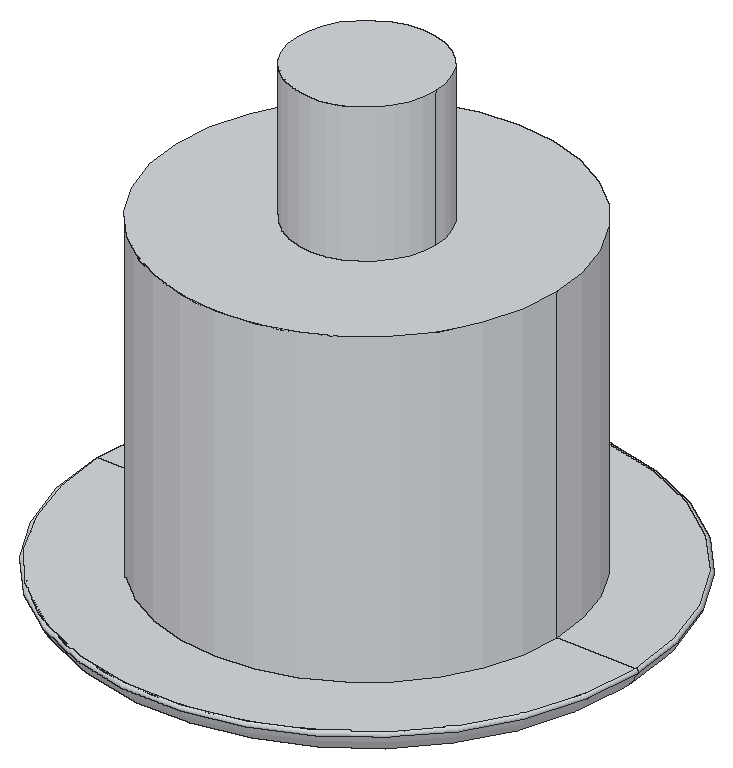
Revit family
Parameters (values of type "RASCO G4A-300 CONCEALED")
  Temperature Rating = 165 °F
  Response = 1
  RASCO SIN # = "R6215"
  RASCO Part # = "G4A1B3"
  Pressure Rating = "300 PSI"
  Pressure Class = 1
  Orifice Size = 1/2"
  Orifice = (empty or 0)
  Model = "G4A-300"
  Manufacturer = "RASCO"
  K-Factor = 5.6
  Description = "Concealed Pendent"
  Coverage = (empty or 0)
Reference planes (in)
  plane 1 "Center (Front/Back)": y = 0
  plane 2: z = 0
  plane 3 "Center (Left/Right)": x = 0
Nested families (in)
  nested 1: "G4A1B3" at (-3.04632, -3.99323, 0), type "RASCO G4A-300 CONCEALED"
Connectors (in)
  piping at (-3.04632, -3.99323, 2.90921)
    settings: on nested 1, index 1, connector radius 55/128", flow factor 0, pipe flow 0 GPM, pressure drop 0.00 psi, fitting loss kfactor 0, connector angle 0.00°, fixture units 0, flow configuration 0, flow direction 0, fitting loss method 0, system type 7, connector reference index -1, connector utility 0, adjustable connector no, is connector primary yes, fitting loss table "", connector description ""
Definition of nested family "G4A1B3"
  Parameters (values of type "RASCO G4A-300 CONCEALED")
    Type Comments = ""
    Temperature Rating = 0 °F
    Response = (empty or 0)
    Pressure Rating = "0"
    Pressure Class = (empty or 0)
    Orifice Size = 0"
    Orifice = (empty or 0)
    Model = ""
    Manufacturer = ""
    K-Factor = 0
    Coverage = (empty or 0)
    Assembly Code = ""
  Reference planes (in)
    plane 1 "Center (Front/Back)": y = 0
    plane 2: z = 0
    plane 3 "Center (Left/Right)": x = 0
    plane 4 "ref.2": z = 0.181
    plane 5 "ref.3": z = 2.151
  Forms (in)
    Extrusion 1, solid
      sketch origin (0, 0, 0.181) x (-1, 0, 0) y (0, -1, 0)
        loop
          circle (0, 0) r 1.158
      from 0 to 1.88665
    Extrusion 2, solid
      sketch origin (0, 0, 2.151) x (-1, 0, 0) y (0, -1, 0)
        loop
          circle (0, 0) r 0.423
      from -0.08335 to 0.75821
    Revolve 3, solid
      sketch origin (0, 0, 0) x (1, 0, 0) y (0, 0, 1)
        loop
          line (0, 0.181) -> (-1.63728, 0.181)
          arc (-1.63728, 0.181) -> (-1.65096, 0.17361) -> (-1.65228, 0.15811) r 0.01636
          arc (-1.65228, 0.15811) -> (-1.55524, 0.04305) -> (-1.411, 0) r 0.26315
          line (-1.411, 0) -> (0, 0) -> (0, 0.181)
        axis (0, 0.181) -> (0, 0)
      angle from 0 to 360
